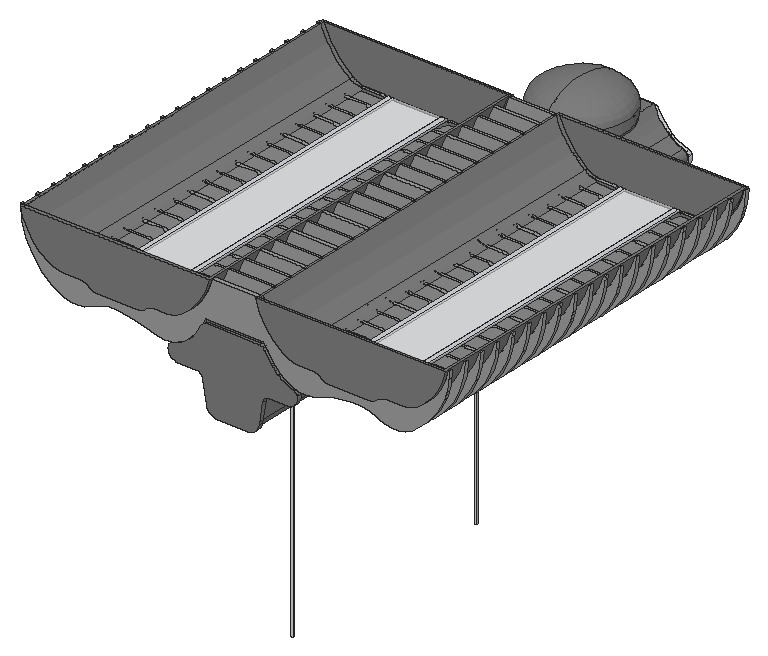
Revit family "0039278 Feilo Sylvania Lighting Fixtures SYLBAY LED 4000K 18-5KLM AISLE 1-10V PIR", category Lighting Fixtures, host Face, Revit 2017
Family settings
  Host = Face
  Round Connector Dimension = Use Diameter
  Part Type = Normal
  OmniClass Number = 23.80.70.00
  OmniClass Title = Lighting
  Cut with Voids When Loaded = No
  Light Source = Yes
  Shared = No
  Room Calculation Point = No
Parameters (values of type "0039278 SYLBAY LED 4000K 18.5KLM AISLE 1-10V PIR")
  WireRadius_FEILO = 1 mm
  Weight = "5.1 kg"
  Wattage Comments = "n/a"
  Wattage = 145 W
  WarrantyStartDate [instance] = "n/a"
  WarrantyGuarantorParts = "n/a"
  WarrantyDurationUnit = "n/a"
  WarrantyDurationParts = "n/a"
  WarrantyDescription = "n/a"
  built-in parameter 1150110 = 1 (stored number, unit not read)
  Voltage = 230 V
  URL = "http://www.sylvania-lighting.com"
  TypeName = "SYLBAY LED 4000K 18.5KLM AISLE 1-10V PIR"
  Type Image = <None>
  Type Comments = "n/a"
  built-in parameter 1114217 = 1 (stored number, unit not read)
  Tilt Angle = -90.00°
  built-in parameter 1150109 = 1 (stored number, unit not read)
  built-in parameter 1150134 = 12
  SuspensionHeight_FEILO [instance] = if(SurfaceMounted_FEILO, 107 mm, SuspensionHeightEntry_FEILO)  # 300 mm
  SuspensionHeightEntry_FEILO [instance] = 300 mm
  SurfaceMounted_FEILO [instance] = no
  built-in parameter 1150113 = 1 (stored number, unit not read)
  SerialNumber [instance] = "n/a"
  ReflectorMaterial = none
  PowerFactor = 0
  PowerConsumption = "145 W"
  Photometric Web File = "0039278.ies"
  NominalLength = 430 mm
  NominalHeight = 105 mm
  NominalDepth = 375 mm
  Name = "SYLBAY LED 4000K 18.5KLM AISLE 1-10V PIR"
  ModelReference = "SYLBAY LED 4000K 18.5KLM AISLE 1-10V PIR"
  ModelNumber = "0039278"
  Model = "SYLBAY LED 4000K 18.5KLM AISLE 1-10V PIR"
  Material = "aluminium housing"
  ManufacturerName = "Feilo Sylvania"
  Manufacturer = "Feilo Sylvania"
  LuminousEfficacy = "128.09 lm/W"
  built-in parameter 1150105 = 25794 (stored number, unit not read)
  Lumens = 18573 lm
  LuminaireType = ""
  built-in parameter 1150115 = 1 (stored number, unit not read)
  LightOutputRatio = "100"
  built-in parameter 1150137 = (empty or 0)
  built-in parameter 1150139 = (empty or 0)
  LampsType = Lamp  # "LED"
  LampNominalLuminous = "18445 lm"
  LampMacAdamStep = "n/a"
  LampColourTemperature = "4000 K"
  LampColourRenderingIndex = "80"
  built-in parameter 1150112 = 1 (stored number, unit not read)
  built-in parameter 1150114 = 1 (stored number, unit not read)
  Lamp = "LED"
  Keynote = "16500"
  InstallationDate [instance] = "n/a"
  InputVoltage = "220-240V~"
  InputNominalFrequency = "50/60 Hz"
  built-in parameter 1150132 = (empty or 0)
  built-in parameter 1150102 = (empty or 0)
  built-in parameter 1150107 = 4000 (stored number, unit not read)
  built-in parameter 1150138 = (empty or 0)
  IngressProtection = "IP65"
  ImpactProtectionIndex = "IK08"
  built-in parameter 1150106 = 257.94 (stored number, unit not read)
  IfcExportType = "IfcLightFixtureType"
  IfcExportAs = "IfcLightFixtureType"
  ExpectedLife = 50000
  Emit from Rectangle Width = 365 mm
  Emit from Rectangle Length = 320 mm
  Emit Shape Visible in Rendering = no
  ElectricShockClassification = "Class I"
  built-in parameter 1150104 = 11.9 (stored number, unit not read)
  DurationUnit = "hours"
  DocumentationLiterature = "http://www.sylvania-lighting.com/product/en-int/products/0039278"
  DimmingControlOptions = "Dimmable"
  Dimming Lamp Color Temperature Shift = <None>
  DiffuserMaterial = Diffuser-Sylvania-Sylbay-Transparent
  Description = "Specification industrial high bay luminaire, robust and durable, slim design, high output and efficiency, lightweight, aluminium housing with shatter-resistant polycarbonate lens optic, 18,500 lumens, 145W, 127lm/W, 4000K, 2100mA, CRI 80, aisle beam optic, 1-10V dimmable, integral PIR sensor with daylight/occupancy detection, IP65, IK08, 100,000 hrs (L90B10), (LxWxH) 330x375x105mm, 3 step MacAdam ellipse, 4.6kg, aluminium finish, Class 1, 220-240V, integrated LED, energy class: A++, A+, A."
  Default Elevation = 1219.2 mm
  CreatedOn = "17/11/2017"
  CreatedBy = ""
  Cost = 0
  Color Filter = 16777215
  built-in parameter 1114216 [instance] = (empty or 0)
  BodyMaterial = Body-Sylvania-Sylbay-Aluminium
  BarCode [instance] = "n/a"
  built-in parameter 1114218 = 1 (stored number, unit not read)
  built-in parameter 1150133 = 10 (stored number, unit not read)
  AssetType = "Fixed"
  AssetIdentifier [instance] = "n/a"
  Assembly Code = "D5020200"
  Apparent Load = 145 VA
  AccessoryMaterial = Accesory-Sylvania-Sylbay-White
Reference planes
  plane 1 "Center (Front/Back)": y = 0
  plane 2: z = 0
  plane 3 "Center (Left/Right)": x = 0
  plane 4: z = 300
  plane 5: y = -162
  plane 6: y = 100
  plane 7: y = -100
  plane 8: z = 237.522
  plane 9: z = 246.272
  plane 10: z = 227.522
  plane 11: z = 266.272
  plane 12: z = 256.272
  plane 13: z = 262.272
  plane 14: y = 262
  plane 15: y = -8.075
  plane 16: y = 8.075
  plane 17: y = -165
  plane 18: y = 265
  plane 19: z = 195
  plane 20: z = 193
  plane 21: y = 165
  plane 22: y = 215
  plane 23: y = 175
  plane 24: y = 255
  plane 25: z = 278.272
  plane 26: y = 176
  plane 27: y = 254
Forms (mm)
  Extrusion 1, solid, material "Accesory-Sylvania-Sylbay-White" <- "AccessoryMaterial"
    sketch origin (0, 0, 0) x (1, 0, 0) y (0, 0, 1)
      loop
        arc (-39.258, 246.272) -> (-44.534, 242.283) -> (-50.507, 239.445) r 32.519
        arc (-50.507, 239.445) -> (-54.463, 232.388) -> (-48, 227.522) r 6.147
        line (-48, 227.522) -> (-32.102, 227.522)
        arc (-32.102, 227.522) -> (-26.92, 225.616) -> (-24.206, 220.808) r 8
        line (-24.206, 220.808) -> (-21.094, 201.713)
        arc (-21.094, 201.713) -> (-18.38, 196.905) -> (-13.198, 195) r 8
        line (-13.198, 195) -> (13.198, 195)
        arc (13.198, 195) -> (18.393, 196.916) -> (21.099, 201.746) r 8
        line (21.099, 201.746) -> (24.206, 220.808)
        arc (24.206, 220.808) -> (26.92, 225.616) -> (32.102, 227.522) r 8
        line (32.102, 227.522) -> (48, 227.522)
        arc (48, 227.522) -> (54.463, 232.388) -> (50.507, 239.445) r 6.147
        arc (50.507, 239.445) -> (44.534, 242.283) -> (39.258, 246.272) r 32.519
        arc (39.258, 246.272) -> (31.199, 255.531) -> (25.254, 266.272) r 58.361
        line (25.254, 266.272) -> (-25.254, 266.272)
        arc (-25.254, 266.272) -> (-31.199, 255.531) -> (-39.258, 246.272) r 58.361
    from -262 to 162
  Extrusion 2, solid, material "Body-Sylvania-Sylbay-Aluminium" <- "BodyMaterial", detail levels medium+fine
    sketch origin (0, 0, 0) x (1, 0, 0) y (0, 0, 1)
      loop
        arc (-32.102, 225.522) -> (-28.215, 224.093) -> (-26.18, 220.487) r 6
        line (-26.18, 220.487) -> (-23.068, 201.392)
        arc (-23.068, 201.392) -> (-19.676, 195.381) -> (-13.198, 193) r 10
        line (-13.198, 193) -> (13.198, 193)
        arc (13.198, 193) -> (19.69, 195.393) -> (23.074, 201.428) r 10
        line (23.074, 201.428) -> (26.18, 220.487)
        arc (26.18, 220.487) -> (28.215, 224.093) -> (32.102, 225.522) r 6
        line (32.102, 225.522) -> (47.932, 225.522)
        arc (47.932, 225.522) -> (54.718, 228.451) -> (56.343, 235.661) r 8.147
        arc (56.343, 235.661) -> (55.292, 237.506) -> (53.445, 238.553) r 4
        arc (53.445, 238.553) -> (45.865, 241.518) -> (39.258, 246.272) r 32.519
        arc (39.258, 246.272) -> (32.89, 253.237) -> (27.728, 261.137) r 58.361
        arc (27.728, 261.137) -> (25.523, 263.429) -> (22.456, 264.272) r 6
        line (22.456, 264.272) -> (-22.456, 264.272)
        arc (-22.456, 264.272) -> (-25.523, 263.429) -> (-27.728, 261.137) r 6
        arc (-27.728, 261.137) -> (-32.89, 253.237) -> (-39.258, 246.272) r 58.361
        arc (-39.258, 246.272) -> (-45.865, 241.518) -> (-53.445, 238.553) r 32.519
        arc (-53.445, 238.553) -> (-55.292, 237.506) -> (-56.343, 235.661) r 4
        arc (-56.343, 235.661) -> (-54.718, 228.451) -> (-47.932, 225.522) r 8.147
        line (-47.932, 225.522) -> (-32.102, 225.522)
    from 162 to 165
  Extrusion 3, solid, detail levels medium+fine
    sketch origin (0, 0, 0) x (1, 0, 0) y (0, 0, 1)
      loop
        line (-47.932, 225.522) -> (-32.102, 225.522)
        arc (-32.102, 225.522) -> (-28.215, 224.093) -> (-26.18, 220.487) r 6
        line (-26.18, 220.487) -> (-23.068, 201.392)
        arc (-23.068, 201.392) -> (-19.676, 195.381) -> (-13.198, 193) r 10
        line (-13.198, 193) -> (13.198, 193)
        arc (13.198, 193) -> (19.69, 195.393) -> (23.074, 201.428) r 10
        line (23.074, 201.428) -> (26.18, 220.487)
        arc (26.18, 220.487) -> (28.215, 224.093) -> (32.102, 225.522) r 6
        line (32.102, 225.522) -> (47.932, 225.522)
        arc (47.932, 225.522) -> (54.718, 228.451) -> (56.343, 235.661) r 8.147
        arc (56.343, 235.661) -> (55.292, 237.506) -> (53.445, 238.553) r 4
        arc (53.445, 238.553) -> (45.865, 241.518) -> (39.258, 246.272) r 32.519
        arc (39.258, 246.272) -> (32.89, 253.237) -> (27.728, 261.137) r 58.361
        arc (27.728, 261.137) -> (25.523, 263.429) -> (22.456, 264.272) r 6
        line (22.456, 264.272) -> (-22.456, 264.272)
        arc (-22.456, 264.272) -> (-25.523, 263.429) -> (-27.728, 261.137) r 6
        arc (-27.728, 261.137) -> (-32.89, 253.237) -> (-39.258, 246.272) r 58.361
        arc (-39.258, 246.272) -> (-45.865, 241.518) -> (-53.445, 238.553) r 32.519
        arc (-53.445, 238.553) -> (-55.292, 237.506) -> (-56.343, 235.661) r 4
        arc (-56.343, 235.661) -> (-54.718, 228.451) -> (-47.932, 225.522) r 8.147
    from -265 to -262
  Extrusion 4, solid
    sketch origin (-316.531, -4572, 195) x (-1, 0, 0) y (0, -1, 0)
      loop
        circle (-316.531, -4672) r 1
      loop
        circle (-316.531, -4472) r 1
    from 0 to -195
  Revolve 5, solid, material "Body-Sylvania-Sylbay-Aluminium" <- "BodyMaterial"
    sketch origin (0, 0, 0) x (0, 1, 0) y (0, 0, 1)
      loop
        arc (175.771, 269.022) -> (176.729, 267.064) -> (178.76, 266.272) r 3
        line (178.76, 266.272) -> (215, 266.272) -> (215, 278.272) -> (175, 278.272) -> (175.771, 269.022)
      axis (215, 266.272) -> (215, 278.272)
    angle from 360 to 0
  Revolve 6, solid, material "Accesory-Sylvania-Sylbay-White" <- "AccessoryMaterial"
    sketch origin (0, 0, 0) x (0, 1, 0) y (0, 0, 1)
      loop
        line (175, 278.272) -> (215, 278.272) -> (215, 300)
        spline (215, 300) -> (209.779, 299.814) -> (204.647, 299.26) -> (199.693, 298.346) -> (195, 297.089) -> (190.65, 295.51) -> (186.716, 293.636) -> (183.266, 291.499) -> (180.359, 289.136) -> (178.045, 286.587) -> (176.363, 283.895) -> (175.342, 281.108) -> (175, 278.272)
      axis (215, 278.272) -> (215, 300)
    angle from 360 to 0
Dimensions and locks
  "SuspensionHeight_FEILO": plane 4 to plane 2
  equal spacing: plane 7, plane 1 "Center (Front/Back)", plane 6
  locked: plane 1 "Center (Front/Back)" to plane 6 at 100
  locked: plane 4 to plane 8 at 62.478
  locked: plane 4 to plane 9 at 53.728
  plane 4 to plane 10 = 72.478 mm
  locked: plane 4 to plane 11 at 33.728
  locked: plane 12 to plane 9 at 10
  locked: plane 13 to plane 12 at 6
  locked: plane 3 "Center (Left/Right)" to Extrusion 1 sketch curve at 48.447
  locked: Extrusion 1 sketch curve to plane 3 "Center (Left/Right)" at 48.447
  locked: plane 4 to Extrusion 1 sketch curve at 66.347  (x2)
  Extrusion 1 sketch curve to plane 3 "Center (Left/Right)" to Extrusion 1 sketch curve = 13.198 mm locked, 13.198 mm locked
  Extrusion 1 sketch curve to plane 3 "Center (Left/Right)" to Extrusion 1 sketch curve = 32.102 mm locked, 32.102 mm locked
  locked: plane 4 to Extrusion 1 sketch curve at 97  (x2)
  locked: plane 4 to Extrusion 1 sketch curve at 80.478  (x2)
  equal spacing: plane 15, plane 1 "Center (Front/Back)", plane 16
  locked: plane 15 to plane 16 at 16.15
  locked: plane 10 to Extrusion 2 sketch curve at 2
  plane 10 to Extrusion 2 sketch curve = 2 mm
  locked: Extrusion 2 sketch curve to Extrusion 1 at 2  (x2)
  locked: Extrusion 2 sketch curve to plane 3 "Center (Left/Right)" at 52.466
  locked: plane 3 "Center (Left/Right)" to Extrusion 2 sketch curve at 52.466
  locked: plane 4 to Extrusion 2 sketch curve at 65.325  (x2)
  locked: plane 4 to Extrusion 2 sketch curve at 41.728  (x2)
  locked: plane 3 "Center (Left/Right)" to Extrusion 2 sketch curve at 22.456
  locked: Extrusion 2 sketch curve to plane 3 "Center (Left/Right)" at 22.456
  locked: plane 4 to plane 19 at 105
  locked: plane 19 to plane 20 at 2
  locked: plane 1 "Center (Front/Back)" to plane 18 at 265
  locked: plane 14 to plane 18 at 3
  locked: plane 17 to plane 1 "Center (Front/Back)" at 165
  locked: plane 17 to plane 5 at 3
  locked: plane 21 to plane 18 at 100
  locked: plane 21 to plane 22 at 50
  equal spacing: plane 23, plane 22, plane 24
  locked: plane 23 to plane 22 at 40
  equal spacing: plane 26, plane 22, plane 27
  locked: plane 23 to plane 26 at 1
  locked: plane 25 to plane 11 at 12
  locked: Revolve 5 sketch curve to plane 11 at 3
  locked: Revolve 5 sketch curve to plane 22 at 36.24
  "WireRadius_FEILO": radius of Extrusion 4 sketch curve  (x2)
  aligned and locked: plane 2 to host face
  aligned and locked: level to host face
  aligned and locked: plane 10 to Extrusion 1 sketch curve
  aligned and locked: plane 5 to Extrusion 1
  aligned and locked: Extrusion 1 to plane 14
  aligned and locked: imposter light to plane 4
  aligned and locked: plane 3 "Center (Left/Right)" to imposter light
  aligned and locked: plane 1 "Center (Front/Back)" to imposter light
  aligned and locked: plane 17 to Extrusion 2
  aligned and locked: Extrusion 2 to plane 5
  aligned and locked: Extrusion 3 sketch curve to Extrusion 2  (x15)
  aligned and locked: Extrusion 3 to Extrusion 1
  aligned and locked: Extrusion 3 to plane 18
  aligned and locked: Extrusion 1 sketch curve to plane 19
  aligned and locked: plane 7 to Extrusion 4 sketch curve
  aligned and locked: plane 3 "Center (Left/Right)" to Extrusion 4 sketch curve  (x2)
  aligned and locked: plane 6 to Extrusion 4 sketch curve
  aligned and locked: Extrusion 1 to Extrusion 4
  aligned and locked: Extrusion 4 to level
  aligned and locked: plane 20 to Extrusion 2 sketch curve
  aligned and locked: Revolve 5 sketch curve to plane 11
  aligned and locked: Revolve 5 sketch curve to plane 22  (x2)
  aligned and locked: Revolve 5 sketch curve to plane 25
  aligned and locked: Revolve 6 sketch curve to plane 22  (x2)
  aligned and locked: Revolve 6 sketch curve to Revolve 5
  aligned and locked: plane 4 to Revolve 6 sketch curve
  aligned and locked: plane 22 to Revolve 6 sketch curve
  aligned and locked: plane 3 "Center (Left/Right)" to nested 1
  aligned and locked: plane 1 "Center (Front/Back)" to nested 1
Automatic sketch dimensions
  host sketch curve to host sketch curve = 2438.4 mm  (x2)
  Extrusion 1 sketch curve to plane 9 = 0 mm  (x4)
  Extrusion 1 sketch curve to plane 10 = 0 mm
  plane 11 to Extrusion 1 sketch curve = 3.811 mm
  Extrusion 1 sketch curve to Extrusion 1 sketch curve = 36.151 mm  (x2)
  Extrusion 1 sketch curve to plane 4 = 10.994 mm  (x2)
  Extrusion 1 sketch curve to plane 11 = 0 mm
  plane 9 to Extrusion 1 sketch curve = 23.811 mm
  Extrusion 1 sketch curve to plane 10 = 6.713 mm  (x2)
  plane 19 to Extrusion 1 sketch curve = 6.713 mm
  Extrusion 3 sketch curve to plane 10 = 7.035 mm  (x2)
  plane 19 to Extrusion 3 sketch curve = 6.392 mm
  plane 19 to Extrusion 1 sketch curve = 6.746 mm
  plane 19 to Extrusion 3 sketch curve = 6.428 mm
  plane 3 "Center (Left/Right)" to Extrusion 1 sketch curve = 25.254 mm
  Extrusion 1 sketch curve to Extrusion 1 sketch curve = 0.447 mm  (x2)
  Extrusion 1 sketch curve to Extrusion 1 sketch curve = 12.959 mm
  Extrusion 2 sketch curve to plane 9 = 0 mm  (x4)
  plane 11 to Extrusion 2 sketch curve = 3.811 mm  (x2)
  Extrusion 2 sketch curve to Extrusion 2 sketch curve = 8.939 mm  (x2)
  Extrusion 2 sketch curve to plane 4 = 10.994 mm  (x2)
  Extrusion 2 sketch curve to Extrusion 2 sketch curve = 17.6 mm  (x2)
  Extrusion 2 sketch curve to Extrusion 2 sketch curve = 4.02 mm  (x2)
  Extrusion 2 sketch curve to Extrusion 2 sketch curve = 0.514 mm
  Extrusion 2 sketch curve to plane 10 = 8 mm
  Extrusion 2 sketch curve to plane 10 = 7.035 mm  (x2)
  plane 19 to Extrusion 2 sketch curve = 6.392 mm
  plane 19 to Extrusion 2 sketch curve = 8 mm
  plane 3 "Center (Left/Right)" to Extrusion 2 sketch curve = 13.198 mm
  plane 19 to Extrusion 2 sketch curve = 6.428 mm
  Extrusion 2 sketch curve to Extrusion 2 sketch curve = 5.922 mm
  Extrusion 2 sketch curve to Extrusion 2 sketch curve = 4.534 mm
  Extrusion 2 sketch curve to plane 8 = 3.869 mm  (x2)
  Extrusion 2 sketch curve to plane 11 = 2 mm
  Extrusion 2 sketch curve to Extrusion 2 sketch curve = 0 mm  (x2)
  Revolve 6 sketch curve to plane 23 = 0 mm
  Revolve 6 sketch curve to level = 309.6 mm
  plane 4 to Revolve 6 sketch curve = 2138.4 mm
  Revolve 5 sketch curve to plane 23 = 0 mm
  plane 26 to Revolve 5 sketch curve = 0.229 mm
  Revolve 5 sketch curve to level = 309.6 mm
  plane 4 to Revolve 5 sketch curve = 2138.4 mm
Nested families
  nested 1: "SylbayBody" at (0, 0, 266.272), type "SylbayBody"
  nested 2: "SlybayRib" at (0, 144.453, 300), type "SylbayRib"
  nested 3: "SlybayRib" at (0, 127.406, 300), type "SylbayRib"
  nested 4: "SlybayRib" at (0, 110.358, 300), type "SylbayRib"
  nested 5: "SlybayRib" at (0, 93.311, 300), type "SylbayRib"
  nested 6: "SlybayRib" at (0, 76.264, 300), type "SylbayRib"
  nested 7: "SlybayRib" at (0, 59.217, 300), type "SylbayRib"
  nested 8: "SlybayRib" at (0, 42.169, 300), type "SylbayRib"
  nested 9: "SlybayRib" at (0, 25.122, 300), type "SylbayRib"
  nested 10: "SlybayRib" at (0, 161.5, 300), type "SylbayRib"
  nested 11: "SlybayRib" at (0, -144.453, 300), type "SylbayRib"
  nested 12: "SlybayRib" at (0, -127.406, 300), type "SylbayRib"
  nested 13: "SlybayRib" at (0, -110.358, 300), type "SylbayRib"
  nested 14: "SlybayRib" at (0, -93.311, 300), type "SylbayRib"
  nested 15: "SlybayRib" at (0, -76.264, 300), type "SylbayRib"
  nested 16: "SlybayRib" at (0, -59.217, 300), type "SylbayRib"
  nested 17: "SlybayRib" at (0, -42.169, 300), type "SylbayRib"
  nested 18: "SlybayRib" at (0, -25.122, 300), type "SylbayRib"
  nested 19: "SlybayRib" at (0, -161.5, 300), type "SylbayRib"
  nested 20: "SlybayRib" at (0, 8.075, 300), type "SylbayRib"
  nested 21: "SlybayRib" at (0, -8.075, 300), type "SylbayRib"
Connectors
  electrical at (0, 0, 0), driven by "Apparent Load"
    settings: index 1, voltage 230 V, apparent load 145 VA, apparent load phase1 0 VA, apparent load phase2 0 VA, apparent load phase3 0 VA, power factor 0, load classification "Lighting", number of poles 1, system type 30, power factor state 1, is connector primary yes, connector utility no, sub classification motor no, connector description ""
Definition of nested family "SylbayBody"
  Parameters (values of type "SylbayBody")
    URL = "http://www.feilosylvania.com"
    Type Image = (empty or 0)
    Type Comments = "n/a"
    RibLast_FEILO = 161.5 mm
    RibDistance_FEILO = RibLast_FEILO / 10  # 16.15 mm
    ReflectorMaterial = none
    Model = ""
    Manufacturer = "Feilo Sylvania"
    Keynote = ""
    DiffuserMaterial = none
    Description = "n/a"
    Default Elevation = 1219.2 mm
    Cost = 0
    BodyMaterial = none
    Assembly Code = "D5020200"
    AccessoryMaterial = none
  Reference planes
    plane 1 "Center (Front/Back)": y = 0
    plane 2: z = 0
    plane 3 "Center (Left/Right)": x = 0
    plane 4: x = -187.5
    plane 5: x = 187.5
    plane 6: z = 33.728
    plane 7: y = -165
    plane 8: y = 165
    plane 9: y = -148
    plane 10: y = 160
    plane 11: y = -160
    plane 12: z = -28.75
    plane 13: z = -20
    plane 14: x = -102.75
    plane 15: x = 102.75
    plane 16: z = 0
    plane 17: x = -185.5
    plane 18: x = -20
    plane 19: z = -10
    plane 20: x = -122.75
    plane 21: x = -82.75
    plane 22: z = -4
    plane 23: x = -130.75
    plane 24: x = -74.75
    plane 25: x = -145.75
    plane 26: x = -59.75
    plane 27: x = -25.3
    plane 28: x = -183.5
    plane 29: x = -22
    plane 30: y = -163
    plane 31: y = 163
    plane 32: x = 25.3
    plane 33: x = -48
    plane 34: x = 48
    plane 35: x = 20
    plane 36: y = 148
    plane 37: y = -161.5
    plane 38: y = 161.5
    plane 39: y = -8.075
    plane 40: y = 8.075
    plane 41: y = -151
    plane 42: y = 151
    plane 43: y = 149
    plane 44: y = 152
    plane 45: z = -2
    plane 46: z = 0
  Forms (mm)
    Extrusion 1, solid
      sketch origin (4.2, 0, 0) x (1, 0, 0) y (0, 1, 0)
        loop
          line (-1219.2, 1219.2) -> (-1219.2, -1219.2) -> (1219.2, -1219.2) -> (1219.2, 1219.2) -> (-1219.2, 1219.2)
      from 0 to -304.8
    Extrusion 2, solid, material <- "BodyMaterial", detail levels coarse+medium
      sketch origin (0, 0, -234.25) x (1, 0, 0) y (0, 0, 1)
        loop
          arc (-187.5, 267.978) -> (-180.003, 237.85) -> (-159.829, 214.25) r 67.598
          arc (-159.829, 214.25) -> (-143.258, 206.411) -> (-125.169, 209.379) r 30.791
          arc (-125.169, 209.379) -> (-113.533, 213.402) -> (-101.25, 214.25) r 46.777
          arc (-101.25, 214.25) -> (-87.202, 212.214) -> (-73.664, 207.942) r 87.865
          arc (-73.664, 207.942) -> (-55.541, 206.076) -> (-39.258, 214.25) r 32.519
          arc (-39.258, 214.25) -> (-31.199, 223.509) -> (-25.254, 234.25) r 58.361
          line (-25.254, 234.25) -> (25.254, 234.25)
          arc (25.254, 234.25) -> (31.199, 223.509) -> (39.258, 214.25) r 58.361
          arc (39.258, 214.25) -> (55.541, 206.076) -> (73.664, 207.942) r 32.519
          arc (73.664, 207.942) -> (87.202, 212.214) -> (101.25, 214.25) r 87.865
          arc (101.25, 214.25) -> (113.533, 213.402) -> (125.169, 209.379) r 46.777
          arc (125.169, 209.379) -> (143.258, 206.411) -> (159.829, 214.25) r 30.791
          arc (159.829, 214.25) -> (180.003, 237.85) -> (187.5, 267.978) r 67.598
          line (187.5, 267.978) -> (185.5, 267.978)
          arc (185.5, 267.978) -> (176.042, 248.665) -> (160.084, 234.25) r 56.823
          arc (160.084, 234.25) -> (153.191, 231.269) -> (145.75, 230.25) r 27.682
          line (145.75, 230.25) -> (132.583, 230.25)
          arc (132.583, 230.25) -> (129.421, 229.737) -> (126.583, 228.25) r 10
          line (126.583, 228.25) -> (123.917, 226.25)
          arc (123.917, 226.25) -> (121.079, 224.763) -> (117.917, 224.25) r 10
          line (117.917, 224.25) -> (84.583, 224.25)
          arc (84.583, 224.25) -> (81.421, 224.763) -> (78.583, 226.25) r 10
          line (78.583, 226.25) -> (75.917, 228.25)
          arc (75.917, 228.25) -> (73.079, 229.737) -> (69.917, 230.25) r 10
          line (69.917, 230.25) -> (58.25, 230.25)
          arc (58.25, 230.25) -> (51.55, 231.273) -> (45.461, 234.25) r 22.443
          arc (45.461, 234.25) -> (30.027, 249.073) -> (20, 267.978) r 67.602
          line (20, 267.978) -> (-20, 267.978)
          arc (-20, 267.978) -> (-30.027, 249.073) -> (-45.461, 234.25) r 67.602
          arc (-45.461, 234.25) -> (-51.55, 231.273) -> (-58.25, 230.25) r 22.443
          line (-58.25, 230.25) -> (-69.917, 230.25)
          arc (-69.917, 230.25) -> (-73.079, 229.737) -> (-75.917, 228.25) r 10
          line (-75.917, 228.25) -> (-78.583, 226.25)
          arc (-78.583, 226.25) -> (-81.421, 224.763) -> (-84.583, 224.25) r 10
          line (-84.583, 224.25) -> (-117.917, 224.25)
          arc (-117.917, 224.25) -> (-121.079, 224.763) -> (-123.917, 226.25) r 10
          line (-123.917, 226.25) -> (-126.583, 228.25)
          arc (-126.583, 228.25) -> (-129.421, 229.737) -> (-132.583, 230.25) r 10
          line (-132.583, 230.25) -> (-145.75, 230.25)
          arc (-145.75, 230.25) -> (-153.191, 231.269) -> (-160.084, 234.25) r 27.682
          arc (-160.084, 234.25) -> (-176.042, 248.665) -> (-185.5, 267.978) r 56.823
          line (-185.5, 267.978) -> (-187.5, 267.978)
      from 160 to -160
    Extrusion 3, solid, material <- "BodyMaterial"
      sketch origin (0, 0, -234.25) x (1, 0, 0) y (0, 0, 1)
        loop
          arc (-145.75, 230.25) -> (-152.168, 231.276) -> (-157.947, 234.25) r 20.597
          arc (-157.947, 234.25) -> (-173.175, 249.257) -> (-183.5, 267.978) r 74.319
          line (-183.5, 267.978) -> (-185.5, 267.978)
          arc (-185.5, 267.978) -> (-176.042, 248.665) -> (-160.084, 234.25) r 56.823
          arc (-160.084, 234.25) -> (-153.191, 231.269) -> (-145.75, 230.25) r 27.682
        loop
          arc (-45.461, 234.25) -> (-30.027, 249.073) -> (-20, 267.978) r 67.602
          line (-20, 267.978) -> (-22, 267.978)
          arc (-22, 267.978) -> (-31.964, 249.398) -> (-46.63, 234.25) r 76.357
          arc (-46.63, 234.25) -> (-52.105, 231.278) -> (-58.25, 230.25) r 18.878
          arc (-58.25, 230.25) -> (-51.55, 231.273) -> (-45.461, 234.25) r 22.443
        loop
          arc (145.75, 230.25) -> (153.191, 231.269) -> (160.084, 234.25) r 27.682
          arc (160.084, 234.25) -> (176.042, 248.665) -> (185.5, 267.978) r 56.823
          line (185.5, 267.978) -> (183.5, 267.978)
          arc (183.5, 267.978) -> (173.175, 249.257) -> (157.947, 234.25) r 74.319
          arc (157.947, 234.25) -> (152.168, 231.276) -> (145.75, 230.25) r 20.597
        loop
          arc (45.461, 234.25) -> (51.55, 231.273) -> (58.25, 230.25) r 22.443
          arc (58.25, 230.25) -> (52.105, 231.278) -> (46.63, 234.25) r 18.878
          arc (46.63, 234.25) -> (31.964, 249.398) -> (22, 267.978) r 76.357
          line (22, 267.978) -> (20, 267.978)
          arc (20, 267.978) -> (30.027, 249.073) -> (45.461, 234.25) r 67.602
      from -160 to 160
    Extrusion 4, solid, material <- "BodyMaterial"
      sketch origin (0, -165, -843.85) x (0, 0, -1) y (1, 0, 0)
        loop
          arc (-837.85, -132.583) -> (-837.439, -130.054) -> (-836.25, -127.783) r 8
          line (-836.25, -127.783) -> (-834.25, -125.117)
          arc (-834.25, -125.117) -> (-832.466, -121.711) -> (-831.85, -117.917) r 12
          line (-831.85, -117.917) -> (-831.85, -84.583)
          arc (-831.85, -84.583) -> (-832.466, -80.789) -> (-834.25, -77.383) r 12
          line (-834.25, -77.383) -> (-836.25, -74.717)
          arc (-836.25, -74.717) -> (-837.439, -72.446) -> (-837.85, -69.917) r 8
          line (-837.85, -69.917) -> (-837.85, -58.25)
          arc (-837.85, -58.25) -> (-838.965, -50.953) -> (-842.206, -44.322) r 24.443
          arc (-842.206, -44.322) -> (-857.666, -28.923) -> (-877.578, -20) r 60.581
          line (-877.578, -20) -> (-877.578, -22)
          arc (-877.578, -22) -> (-858.998, -31.964) -> (-843.85, -46.63) r 76.357
          arc (-843.85, -46.63) -> (-840.878, -52.105) -> (-839.85, -58.25) r 18.878
          line (-839.85, -58.25) -> (-839.85, -69.917)
          arc (-839.85, -69.917) -> (-839.337, -73.079) -> (-837.85, -75.917) r 10
          line (-837.85, -75.917) -> (-835.85, -78.583)
          arc (-835.85, -78.583) -> (-834.363, -81.421) -> (-833.85, -84.583) r 10
          line (-833.85, -84.583) -> (-833.85, -117.917)
          arc (-833.85, -117.917) -> (-834.363, -121.079) -> (-835.85, -123.917) r 10
          line (-835.85, -123.917) -> (-837.85, -126.583)
          arc (-837.85, -126.583) -> (-839.337, -129.421) -> (-839.85, -132.583) r 10
          line (-839.85, -132.583) -> (-839.85, -145.75)
          arc (-839.85, -145.75) -> (-840.876, -152.168) -> (-843.85, -157.947) r 20.597
          arc (-843.85, -157.947) -> (-858.857, -173.175) -> (-877.578, -183.5) r 74.319
          line (-877.578, -183.5) -> (-877.578, -185.5)
          arc (-877.578, -185.5) -> (-857.235, -177.123) -> (-842.139, -161.119) r 52.287
          arc (-842.139, -161.119) -> (-838.942, -153.728) -> (-837.85, -145.75) r 29.682
          line (-837.85, -145.75) -> (-837.85, -132.583)
        loop
          line (-837.85, 132.583) -> (-837.85, 145.75)
          arc (-837.85, 145.75) -> (-838.942, 153.728) -> (-842.139, 161.119) r 29.682
          arc (-842.139, 161.119) -> (-857.235, 177.123) -> (-877.578, 185.5) r 52.287
          line (-877.578, 185.5) -> (-877.578, 183.5)
          arc (-877.578, 183.5) -> (-858.857, 173.175) -> (-843.85, 157.947) r 74.319
          arc (-843.85, 157.947) -> (-840.876, 152.168) -> (-839.85, 145.75) r 20.597
          line (-839.85, 145.75) -> (-839.85, 132.583)
          arc (-839.85, 132.583) -> (-839.337, 129.421) -> (-837.85, 126.583) r 10
          line (-837.85, 126.583) -> (-835.85, 123.917)
          arc (-835.85, 123.917) -> (-834.363, 121.079) -> (-833.85, 117.917) r 10
          line (-833.85, 117.917) -> (-833.85, 84.583)
          arc (-833.85, 84.583) -> (-834.363, 81.421) -> (-835.85, 78.583) r 10
          line (-835.85, 78.583) -> (-837.85, 75.917)
          arc (-837.85, 75.917) -> (-839.337, 73.079) -> (-839.85, 69.917) r 10
          line (-839.85, 69.917) -> (-839.85, 58.25)
          arc (-839.85, 58.25) -> (-840.878, 52.105) -> (-843.85, 46.63) r 18.878
          arc (-843.85, 46.63) -> (-858.998, 31.964) -> (-877.578, 22) r 76.357
          line (-877.578, 22) -> (-877.578, 20)
          arc (-877.578, 20) -> (-857.666, 28.923) -> (-842.206, 44.322) r 60.581
          arc (-842.206, 44.322) -> (-838.965, 50.953) -> (-837.85, 58.25) r 24.443
          line (-837.85, 58.25) -> (-837.85, 69.917)
          arc (-837.85, 69.917) -> (-837.439, 72.446) -> (-836.25, 74.717) r 8
          line (-836.25, 74.717) -> (-834.25, 77.383)
          arc (-834.25, 77.383) -> (-832.466, 80.789) -> (-831.85, 84.583) r 12
          line (-831.85, 84.583) -> (-831.85, 117.917)
          arc (-831.85, 117.917) -> (-832.466, 121.711) -> (-834.25, 125.117) r 12
          line (-834.25, 125.117) -> (-836.25, 127.783)
          arc (-836.25, 127.783) -> (-837.439, 130.054) -> (-837.85, 132.583) r 8
      from -2 to -5
    Extrusion 5, solid, material <- "BodyMaterial"
      sketch origin (0, 165, -843.85) x (0, 0, -1) y (1, 0, 0)
        loop
          line (-831.85, -117.917) -> (-831.85, -84.583)
          arc (-831.85, -84.583) -> (-832.466, -80.789) -> (-834.25, -77.383) r 12
          line (-834.25, -77.383) -> (-836.25, -74.717)
          arc (-836.25, -74.717) -> (-837.439, -72.446) -> (-837.85, -69.917) r 8
          line (-837.85, -69.917) -> (-837.85, -58.25)
          arc (-837.85, -58.25) -> (-838.965, -50.953) -> (-842.206, -44.322) r 24.443
          arc (-842.206, -44.322) -> (-857.666, -28.923) -> (-877.578, -20) r 60.581
          line (-877.578, -20) -> (-877.578, -22)
          arc (-877.578, -22) -> (-858.998, -31.964) -> (-843.85, -46.63) r 76.357
          arc (-843.85, -46.63) -> (-840.878, -52.105) -> (-839.85, -58.25) r 18.878
          line (-839.85, -58.25) -> (-839.85, -69.917)
          arc (-839.85, -69.917) -> (-839.337, -73.079) -> (-837.85, -75.917) r 10
          line (-837.85, -75.917) -> (-835.85, -78.583)
          arc (-835.85, -78.583) -> (-834.363, -81.421) -> (-833.85, -84.583) r 10
          line (-833.85, -84.583) -> (-833.85, -117.917)
          arc (-833.85, -117.917) -> (-834.363, -121.079) -> (-835.85, -123.917) r 10
          line (-835.85, -123.917) -> (-837.85, -126.583)
          arc (-837.85, -126.583) -> (-839.337, -129.421) -> (-839.85, -132.583) r 10
          line (-839.85, -132.583) -> (-839.85, -145.75)
          arc (-839.85, -145.75) -> (-840.876, -152.168) -> (-843.85, -157.947) r 20.597
          arc (-843.85, -157.947) -> (-858.857, -173.175) -> (-877.578, -183.5) r 74.319
          line (-877.578, -183.5) -> (-877.578, -185.5)
          arc (-877.578, -185.5) -> (-857.235, -177.123) -> (-842.139, -161.119) r 52.287
          arc (-842.139, -161.119) -> (-838.942, -153.728) -> (-837.85, -145.75) r 29.682
          line (-837.85, -145.75) -> (-837.85, -132.583)
          arc (-837.85, -132.583) -> (-837.439, -130.054) -> (-836.25, -127.783) r 8
          line (-836.25, -127.783) -> (-834.25, -125.117)
          arc (-834.25, -125.117) -> (-832.466, -121.711) -> (-831.85, -117.917) r 12
        loop
          line (-831.85, 84.583) -> (-831.85, 117.917)
          arc (-831.85, 117.917) -> (-832.466, 121.711) -> (-834.25, 125.117) r 12
          line (-834.25, 125.117) -> (-836.25, 127.783)
          arc (-836.25, 127.783) -> (-837.439, 130.054) -> (-837.85, 132.583) r 8
          line (-837.85, 132.583) -> (-837.85, 145.75)
          arc (-837.85, 145.75) -> (-838.942, 153.728) -> (-842.139, 161.119) r 29.682
          arc (-842.139, 161.119) -> (-857.235, 177.123) -> (-877.578, 185.5) r 52.287
          line (-877.578, 185.5) -> (-877.578, 183.5)
          arc (-877.578, 183.5) -> (-858.857, 173.175) -> (-843.85, 157.947) r 74.319
          arc (-843.85, 157.947) -> (-840.876, 152.168) -> (-839.85, 145.75) r 20.597
          line (-839.85, 145.75) -> (-839.85, 132.583)
          arc (-839.85, 132.583) -> (-839.337, 129.421) -> (-837.85, 126.583) r 10
          line (-837.85, 126.583) -> (-835.85, 123.917)
          arc (-835.85, 123.917) -> (-834.363, 121.079) -> (-833.85, 117.917) r 10
          line (-833.85, 117.917) -> (-833.85, 84.583)
          arc (-833.85, 84.583) -> (-834.363, 81.421) -> (-835.85, 78.583) r 10
          line (-835.85, 78.583) -> (-837.85, 75.917)
          arc (-837.85, 75.917) -> (-839.337, 73.079) -> (-839.85, 69.917) r 10
          line (-839.85, 69.917) -> (-839.85, 58.25)
          arc (-839.85, 58.25) -> (-840.878, 52.105) -> (-843.85, 46.63) r 18.878
          arc (-843.85, 46.63) -> (-858.998, 31.964) -> (-877.578, 22) r 76.357
          line (-877.578, 22) -> (-877.578, 20)
          arc (-877.578, 20) -> (-857.666, 28.923) -> (-842.206, 44.322) r 60.581
          arc (-842.206, 44.322) -> (-838.965, 50.953) -> (-837.85, 58.25) r 24.443
          line (-837.85, 58.25) -> (-837.85, 69.917)
          arc (-837.85, 69.917) -> (-837.439, 72.446) -> (-836.25, 74.717) r 8
          line (-836.25, 74.717) -> (-834.25, 77.383)
          arc (-834.25, 77.383) -> (-832.466, 80.789) -> (-831.85, 84.583) r 12
      from 2 to 5
    Extrusion 6, solid, material <- "BodyMaterial"
      sketch origin (0, 165, -843.85) x (0, 0, -1) y (1, 0, 0)
        loop
          arc (-842.206, -44.322) -> (-857.666, -28.923) -> (-877.578, -20) r 60.581
          line (-877.578, -20) -> (-877.578, -185.5)
          arc (-877.578, -185.5) -> (-857.235, -177.123) -> (-842.139, -161.119) r 52.287
          arc (-842.139, -161.119) -> (-838.942, -153.728) -> (-837.85, -145.75) r 29.682
          line (-837.85, -145.75) -> (-837.85, -132.583)
          arc (-837.85, -132.583) -> (-837.439, -130.054) -> (-836.25, -127.783) r 8
          line (-836.25, -127.783) -> (-834.25, -125.117)
          arc (-834.25, -125.117) -> (-832.466, -121.711) -> (-831.85, -117.917) r 12
          line (-831.85, -117.917) -> (-831.85, -84.583)
          arc (-831.85, -84.583) -> (-832.466, -80.789) -> (-834.25, -77.383) r 12
          line (-834.25, -77.383) -> (-836.25, -74.717)
          arc (-836.25, -74.717) -> (-837.439, -72.446) -> (-837.85, -69.917) r 8
          line (-837.85, -69.917) -> (-837.85, -58.25)
          arc (-837.85, -58.25) -> (-838.965, -50.953) -> (-842.206, -44.322) r 24.443
        loop
          arc (-877.578, 20) -> (-857.666, 28.923) -> (-842.206, 44.322) r 60.581
          arc (-842.206, 44.322) -> (-838.965, 50.953) -> (-837.85, 58.25) r 24.443
          line (-837.85, 58.25) -> (-837.85, 69.917)
          arc (-837.85, 69.917) -> (-837.439, 72.446) -> (-836.25, 74.717) r 8
          line (-836.25, 74.717) -> (-834.25, 77.383)
          arc (-834.25, 77.383) -> (-832.466, 80.789) -> (-831.85, 84.583) r 12
          line (-831.85, 84.583) -> (-831.85, 117.917)
          arc (-831.85, 117.917) -> (-832.466, 121.711) -> (-834.25, 125.117) r 12
          line (-834.25, 125.117) -> (-836.25, 127.783)
          arc (-836.25, 127.783) -> (-837.439, 130.054) -> (-837.85, 132.583) r 8
          line (-837.85, 132.583) -> (-837.85, 145.75)
          arc (-837.85, 145.75) -> (-838.942, 153.728) -> (-842.139, 161.119) r 29.682
          arc (-842.139, 161.119) -> (-857.235, 177.123) -> (-877.578, 185.5) r 52.287
          line (-877.578, 185.5) -> (-877.578, 20)
      from 0 to 2
    Extrusion 7, solid, material <- "BodyMaterial"
      sketch origin (0, -165, -843.85) x (0, 0, -1) y (1, 0, 0)
        loop
          line (-877.578, -20) -> (-877.578, -185.5)
          arc (-877.578, -185.5) -> (-857.235, -177.123) -> (-842.139, -161.119) r 52.287
          arc (-842.139, -161.119) -> (-838.942, -153.728) -> (-837.85, -145.75) r 29.682
          line (-837.85, -145.75) -> (-837.85, -132.583)
          arc (-837.85, -132.583) -> (-837.439, -130.054) -> (-836.25, -127.783) r 8
          line (-836.25, -127.783) -> (-834.25, -125.117)
          arc (-834.25, -125.117) -> (-832.466, -121.711) -> (-831.85, -117.917) r 12
          line (-831.85, -117.917) -> (-831.85, -84.583)
          arc (-831.85, -84.583) -> (-832.466, -80.789) -> (-834.25, -77.383) r 12
          line (-834.25, -77.383) -> (-836.25, -74.717)
          arc (-836.25, -74.717) -> (-837.439, -72.446) -> (-837.85, -69.917) r 8
          line (-837.85, -69.917) -> (-837.85, -58.25)
          arc (-837.85, -58.25) -> (-838.965, -50.953) -> (-842.206, -44.322) r 24.443
          arc (-842.206, -44.322) -> (-857.666, -28.923) -> (-877.578, -20) r 60.581
        loop
          line (-877.578, 185.5) -> (-877.578, 20)
          arc (-877.578, 20) -> (-857.666, 28.923) -> (-842.206, 44.322) r 60.581
          arc (-842.206, 44.322) -> (-838.965, 50.953) -> (-837.85, 58.25) r 24.443
          line (-837.85, 58.25) -> (-837.85, 69.917)
          arc (-837.85, 69.917) -> (-837.439, 72.446) -> (-836.25, 74.717) r 8
          line (-836.25, 74.717) -> (-834.25, 77.383)
          arc (-834.25, 77.383) -> (-832.466, 80.789) -> (-831.85, 84.583) r 12
          line (-831.85, 84.583) -> (-831.85, 117.917)
          arc (-831.85, 117.917) -> (-832.466, 121.711) -> (-834.25, 125.117) r 12
          line (-834.25, 125.117) -> (-836.25, 127.783)
          arc (-836.25, 127.783) -> (-837.439, 130.054) -> (-837.85, 132.583) r 8
          line (-837.85, 132.583) -> (-837.85, 145.75)
          arc (-837.85, 145.75) -> (-838.942, 153.728) -> (-842.139, 161.119) r 29.682
          arc (-842.139, 161.119) -> (-857.235, 177.123) -> (-877.578, 185.5) r 52.287
      from 0 to -2
    Extrusion 8, solid, detail levels medium+fine
      sketch origin (0, 0, -234.25) x (1, 0, 0) y (0, 0, 1)
        loop
          arc (-123.917, 226.25) -> (-121.079, 224.763) -> (-117.917, 224.25) r 10
          line (-117.917, 224.25) -> (-84.583, 224.25)
          arc (-84.583, 224.25) -> (-81.421, 224.763) -> (-78.583, 226.25) r 10
          line (-78.583, 226.25) -> (-75.917, 228.25)
          arc (-75.917, 228.25) -> (-75.417, 229.25) -> (-75.917, 230.25) r 1.25
          line (-75.917, 230.25) -> (-79.782, 230.25) -> (-79.782, 228.278) -> (-122.75, 228.278) -> (-122.75, 230.25) -> (-126.583, 230.25)
          arc (-126.583, 230.25) -> (-127.083, 229.25) -> (-126.583, 228.25) r 1.25
          line (-126.583, 228.25) -> (-123.917, 226.25)
        loop
          line (123.917, 226.25) -> (126.583, 228.25)
          arc (126.583, 228.25) -> (127.083, 229.25) -> (126.583, 230.25) r 1.25
          line (126.583, 230.25) -> (122.75, 230.25) -> (122.75, 228.278) -> (79.782, 228.278) -> (79.782, 230.25) -> (75.917, 230.25)
          arc (75.917, 230.25) -> (75.417, 229.25) -> (75.917, 228.25) r 1.25
          line (75.917, 228.25) -> (78.583, 226.25)
          arc (78.583, 226.25) -> (81.421, 224.763) -> (84.583, 224.25) r 10
          line (84.583, 224.25) -> (117.917, 224.25)
          arc (117.917, 224.25) -> (121.079, 224.763) -> (123.917, 226.25) r 10
      from -163 to 163
    Extrusion 9, solid, material <- "DiffuserMaterial", detail levels medium+fine
      sketch origin (0, 0, -234.25) x (1, 0, 0) y (0, 0, 1)
        loop
          line (-122.75, 230.25) -> (-122.75, 228.278) -> (-79.782, 228.278) -> (-79.782, 230.25) -> (-122.75, 230.25)
        loop
          line (79.782, 230.25) -> (79.782, 228.278) -> (122.75, 228.278) -> (122.75, 230.25) -> (79.782, 230.25)
      from -163 to 163
  Cuts and joins
    joined: Extrusion 3, Extrusion 4, Extrusion 5, Extrusion 6, Extrusion 7
  Dimensions and locks
    equal spacing: plane 5, plane 3 "Center (Left/Right)", plane 4
    locked: plane 5 to plane 4 at 375
    equal spacing: plane 7, plane 1 "Center (Front/Back)", plane 8
    locked: plane 7 to plane 8 at 330
    locked: plane 6 to plane 12 at 62.478
    locked: plane 6 to plane 13 at 53.728
    equal spacing: plane 15, plane 3 "Center (Left/Right)", plane 14
    plane 3 "Center (Left/Right)" to plane 14 = 102.75 mm
    locked: plane 6 to plane 16 at 33.728
    equal spacing: plane 18, plane 14, plane 17
    locked: plane 19 to plane 13 at 10
    equal spacing: plane 21, plane 14, plane 20
    locked: plane 14 to plane 20 at 20
    locked: plane 22 to plane 19 at 6
    equal spacing: plane 24, plane 14, plane 23
    locked: plane 20 to plane 23 at 8
    equal spacing: plane 26, plane 14, plane 25
    locked: plane 23 to plane 25 at 15
    locked: plane 18 to plane 27 at 5.3
    locked: plane 3 "Center (Left/Right)" to Extrusion 2 sketch curve at 83.982  (x2)
    locked: plane 3 "Center (Left/Right)" to Extrusion 2 sketch curve at 79.005  (x2)
    locked: plane 3 "Center (Left/Right)" to Extrusion 2 sketch curve at 119.907  (x2)
    locked: plane 3 "Center (Left/Right)" to Extrusion 2 sketch curve at 61.405  (x2)
    locked: plane 3 "Center (Left/Right)" to Extrusion 2 sketch curve at 138.973  (x2)
    locked: plane 3 "Center (Left/Right)" to Extrusion 2 sketch curve at 84.583  (x2)
    locked: plane 3 "Center (Left/Right)" to Extrusion 2 sketch curve at 117.917  (x2)
    locked: plane 3 "Center (Left/Right)" to Extrusion 2 sketch curve at 132.583  (x2)
    locked: plane 3 "Center (Left/Right)" to Extrusion 2 sketch curve at 69.917  (x2)
    locked: Extrusion 2 sketch curve to plane 6 at 21.825  (x2)
    locked: Extrusion 2 sketch curve to plane 6 at 0.822  (x2)
    locked: plane 6 to Extrusion 2 sketch curve at 10.994  (x2)
    locked: plane 6 to Extrusion 2 sketch curve at 15.285  (x2)
    locked: plane 6 to Extrusion 2 sketch curve at 31.076  (x2)
    locked: plane 6 to Extrusion 2 sketch curve at 33.728  (x4)
    locked: plane 6 to Extrusion 2 sketch curve at 29.917  (x2)
    locked: plane 6 to Extrusion 2 sketch curve at 47.728  (x4)
    locked: plane 6 to Extrusion 2 sketch curve at 100.413  (x2)
    locked: plane 6 to Extrusion 2 sketch curve at 141.419  (x2)
    locked: plane 3 "Center (Left/Right)" to Extrusion 2 sketch curve at 106.788  (x2)
    locked: plane 3 "Center (Left/Right)" to Extrusion 2 sketch curve at 104.198  (x2)
    locked: plane 3 "Center (Left/Right)" to Extrusion 2 sketch curve at 145.75  (x2)
    locked: plane 6 to Extrusion 2 sketch curve at 10.046  (x2)
    locked: Extrusion 2 sketch curve to plane 6 at 14.884  (x2)
    locked: plane 3 "Center (Left/Right)" to Extrusion 2 sketch curve at 130.661  (x2)
    equal spacing: plane 29, plane 14, plane 28
    locked: plane 28 to plane 17 at 2
    locked: plane 3 "Center (Left/Right)" to Extrusion 3 sketch curve at 58.25  (x2)
    locked: plane 3 "Center (Left/Right)" to Extrusion 3 sketch curve at 93.629  (x2)
    locked: plane 3 "Center (Left/Right)" to Extrusion 3 sketch curve at 113.936  (x2)
    locked: plane 3 "Center (Left/Right)" to Extrusion 3 sketch curve at 145.75  (x2)
    locked: plane 6 to Extrusion 3 sketch curve at 18.85  (x2)
    locked: plane 6 to Extrusion 3 sketch curve at 17.131  (x2)
    equal spacing: plane 11, plane 1 "Center (Front/Back)", plane 10
    plane 11 to plane 1 "Center (Front/Back)" = 160 mm
    equal spacing: plane 30, plane 1 "Center (Front/Back)", plane 31
    locked: plane 7 to plane 30 at 2
    locked: plane 22 to Extrusion 4 sketch curve at 2  (x4)
    locked: plane 19 to Extrusion 4 sketch curve at 2  (x2)
    locked: Extrusion 2 to Extrusion 4 sketch curve at 2  (x3)
    locked: Extrusion 4 sketch curve to Extrusion 2 at 2
    locked: Extrusion 8 sketch curve to plane 20 at 42.968
    locked: plane 22 to Extrusion 8 sketch curve at 1.972  (x2)
    locked: Extrusion 8 sketch curve to Extrusion 8 sketch curve at 42.968
    locked: plane 15 to Extrusion 8 sketch curve at 22.968
    equal spacing: plane 32, plane 3 "Center (Left/Right)", plane 27
    equal spacing: plane 34, plane 3 "Center (Left/Right)", plane 33
    plane 3 "Center (Left/Right)" to plane 33 = 48 mm
    equal spacing: plane 35, plane 3 "Center (Left/Right)", plane 18
    locked: plane 3 "Center (Left/Right)" to plane 18 at 20
    equal spacing: plane 9, plane 1 "Center (Front/Back)", plane 36
    locked: plane 9 to plane 1 "Center (Front/Back)" at 148
    equal spacing: plane 37, plane 1 "Center (Front/Back)", plane 38
    "RibLast_FEILO": plane 37 to plane 1 "Center (Front/Back)"
    equal spacing: plane 39, plane 1 "Center (Front/Back)", plane 40
    "RibDistance_FEILO": plane 39 to plane 40
    equal spacing: group 1, group 3, group 4, group 5, group 6, group 7, group 8, group 9, group 10, group 2  (x2)
    equal spacing: group 2, group 10, group 9, group 8, group 7, group 6, group 5, group 4, group 3, group 1
    equal spacing: group 11, group 13, group 14, group 15, group 16, group 17, group 18, group 19, group 20, group 12  (x3)
    equal spacing: plane 41, plane 1 "Center (Front/Back)", plane 42
    locked: plane 36 to plane 42 at 3
    locked: plane 36 to plane 43 at 1
    locked: plane 36 to plane 44 at 4
    locked: plane 16 to plane 45 at 2
    aligned and locked: plane 2 to Extrusion 1
    aligned and locked: level to Extrusion 1
    aligned and locked: plane 6 to Extrusion 2 sketch curve  (x2)
    aligned and locked: plane 4 to Extrusion 2 sketch curve
    aligned and locked: plane 22 to Extrusion 2 sketch curve
    aligned and locked: plane 19 to Extrusion 2 sketch curve
    aligned and locked: Extrusion 2 sketch curve to plane 22
    aligned and locked: plane 13 to Extrusion 2 sketch curve  (x3)
    aligned and locked: plane 11 to Extrusion 2
    aligned and locked: plane 17 to Extrusion 2 sketch curve
    aligned and locked: plane 25 to Extrusion 2 sketch curve
    aligned and locked: Extrusion 2 sketch curve to plane 6  (x3)
    aligned and locked: Extrusion 2 sketch curve to plane 16
    aligned and locked: Extrusion 3 sketch curve to Extrusion 2  (x5)
    aligned and locked: plane 16 to Extrusion 3 sketch curve
    aligned and locked: plane 28 to Extrusion 3 sketch curve
    aligned and locked: plane 6 to Extrusion 3 sketch curve  (x2)
    aligned and locked: plane 29 to Extrusion 3 sketch curve
    aligned and locked: Extrusion 3 sketch curve to plane 6  (x2)
    aligned and locked: Extrusion 2 to plane 10
    aligned and locked: Extrusion 3 to plane 10
    aligned and locked: plane 11 to Extrusion 3
    aligned and locked: Extrusion 4 sketch curve to Extrusion 3  (x6)
    aligned and locked: Extrusion 4 sketch curve to Extrusion 2  (x4)
    aligned and locked: Extrusion 4 to plane 11
    aligned and locked: Extrusion 5 sketch curve to Extrusion 4  (x36)
    aligned and locked: plane 10 to Extrusion 5
    aligned and locked: Extrusion 5 to plane 31
    aligned and locked: plane 30 to Extrusion 4
    aligned and locked: Extrusion 6 sketch curve to Extrusion 4  (x16)
    aligned and locked: Extrusion 6 sketch curve to Extrusion 2
    aligned and locked: Extrusion 6 sketch curve to Extrusion 3
    aligned and locked: plane 31 to Extrusion 6
    aligned and locked: Extrusion 6 to plane 8
    aligned and locked: Extrusion 7 sketch curve to Extrusion 6  (x18)
    aligned and locked: Extrusion 7 to plane 30
    aligned and locked: plane 7 to Extrusion 7
    aligned and locked: Extrusion 8 sketch curve to cut or joined group of Extrusion 3, Extrusion 4, Extrusion 5, Extrusion 6, Extrusion 7  (x3)
    aligned and locked: plane 22 to Extrusion 8 sketch curve  (x4)
    aligned and locked: Extrusion 8 sketch curve to plane 22  (x4)
    aligned and locked: plane 20 to Extrusion 8 sketch curve
    aligned and locked: Extrusion 8 to plane 31
    aligned and locked: plane 30 to Extrusion 8
    aligned and locked: Extrusion 9 sketch curve to Extrusion 8  (x8)
    aligned and locked: plane 30 to Extrusion 9
    aligned and locked: Extrusion 9 to plane 31
    aligned and locked: plane 3 "Center (Left/Right)" to nested 1
    aligned and locked: plane 39 to nested 1
    aligned and locked: plane 3 "Center (Left/Right)" to nested 2
    aligned and locked: plane 40 to nested 2
    aligned and locked: plane 2 to plane 46
    aligned and locked: plane 16 to level
  Automatic sketch dimensions
    Extrusion 1 sketch curve to Extrusion 1 sketch curve = 2438.4 mm  (x2)
    Extrusion 2 sketch curve to plane 16 = 0 mm  (x6)
    Extrusion 2 sketch curve to plane 13 = 0 mm  (x7)
    Extrusion 2 sketch curve to plane 35 = 0 mm
    Extrusion 2 sketch curve to plane 5 = 0 mm
    Extrusion 2 sketch curve to plane 19 = 0 mm
    Extrusion 2 sketch curve to plane 22 = 2 mm  (x3)
    Extrusion 2 sketch curve to plane 20 = 1.167 mm
    plane 19 to Extrusion 2 sketch curve = 2 mm  (x3)
    Extrusion 2 sketch curve to plane 24 = 1.167 mm
    Extrusion 3 sketch curve to plane 16 = 0 mm  (x11)
    Extrusion 3 sketch curve to plane 35 = 0 mm
    Extrusion 3 sketch curve to plane 22 = 0 mm  (x4)
    Extrusion 3 sketch curve to Extrusion 3 sketch curve = 9.647 mm
    Extrusion 3 sketch curve to Extrusion 3 sketch curve = 16.725 mm
    Extrusion 3 sketch curve to plane 5 = 2 mm
    Extrusion 4 sketch curve to Extrusion 4 sketch curve = 0 mm  (x13)
    Extrusion 4 sketch curve to plane 6 = 0 mm  (x2)
    Extrusion 4 sketch curve to plane 25 = 0 mm
    Extrusion 4 sketch curve to plane 16 = 0 mm  (x6)
    Extrusion 4 sketch curve to plane 22 = 0 mm  (x2)
    Extrusion 4 sketch curve to plane 19 = 0 mm
    Extrusion 4 sketch curve to plane 17 = 0 mm
    Extrusion 4 sketch curve to plane 18 = 0 mm
    Extrusion 4 sketch curve to plane 35 = 0 mm
    Extrusion 4 sketch curve to plane 15 = 9.121 mm
    plane 6 to Extrusion 4 sketch curve = 26.45 mm
    plane 15 to Extrusion 4 sketch curve = 11.186 mm
    Extrusion 4 sketch curve to Extrusion 4 sketch curve = 0.292 mm
    plane 6 to Extrusion 4 sketch curve = 14.412 mm  (x2)
    plane 21 to Extrusion 4 sketch curve = 3.909 mm
    Extrusion 4 sketch curve to plane 23 = 3.295 mm
    plane 6 to Extrusion 4 sketch curve = 9.292 mm  (x2)
    Extrusion 4 sketch curve to Extrusion 4 sketch curve = 7.085 mm  (x2)
    Extrusion 4 sketch curve to plane 6 = 10.046 mm
    plane 34 to Extrusion 4 sketch curve = 10.25 mm
    Extrusion 4 sketch curve to plane 6 = 15.285 mm
    plane 26 to Extrusion 4 sketch curve = 1.5 mm
    Extrusion 4 sketch curve to Extrusion 4 sketch curve = 3.565 mm  (x2)
    Extrusion 4 sketch curve to plane 22 = 2 mm  (x3)
    Extrusion 4 sketch curve to plane 24 = 1.167 mm
    Extrusion 4 sketch curve to Extrusion 4 sketch curve = 1.6 mm  (x3)
    plane 24 to Extrusion 4 sketch curve = 0.033 mm
    plane 19 to Extrusion 4 sketch curve = 2 mm  (x3)
    Extrusion 4 sketch curve to plane 20 = 1.167 mm
    plane 19 to Extrusion 4 sketch curve = 0.4 mm  (x4)
    Extrusion 4 sketch curve to plane 19 = 4 mm  (x2)
    Extrusion 4 sketch curve to Extrusion 4 sketch curve = 14.788 mm
    Extrusion 4 sketch curve to Extrusion 4 sketch curve = 20.109 mm
    Extrusion 4 sketch curve to plane 5 = 2 mm
    Extrusion 5 sketch curve to plane 22 = 2 mm  (x3)
    Extrusion 5 sketch curve to plane 24 = 1.167 mm
    Extrusion 5 sketch curve to Extrusion 5 sketch curve = 1.6 mm  (x3)
    plane 24 to Extrusion 5 sketch curve = 0.033 mm
    plane 19 to Extrusion 5 sketch curve = 2 mm  (x3)
    Extrusion 5 sketch curve to plane 20 = 1.167 mm
    plane 19 to Extrusion 5 sketch curve = 0.4 mm  (x4)
    plane 19 to Extrusion 6 sketch curve = 2.4 mm  (x3)
    plane 24 to Extrusion 6 sketch curve = 0.033 mm
    plane 19 to Extrusion 6 sketch curve = 0.4 mm  (x4)
    plane 19 to Extrusion 7 sketch curve = 2.4 mm  (x3)
    plane 24 to Extrusion 7 sketch curve = 0.033 mm
    plane 19 to Extrusion 7 sketch curve = 0.4 mm  (x4)
    Extrusion 8 sketch curve to plane 19 = 0 mm
    Extrusion 8 sketch curve to plane 16 = 0 mm  (x2)
    Extrusion 8 sketch curve to plane 20 = 1.167 mm
    Extrusion 8 sketch curve to plane 22 = 1 mm  (x3)
    Extrusion 8 sketch curve to plane 20 = 3.083 mm
    Extrusion 8 sketch curve to Extrusion 8 sketch curve = 0.75 mm  (x4)
    Extrusion 8 sketch curve to plane 22 = 2 mm  (x3)
    plane 19 to Extrusion 8 sketch curve = 2 mm  (x3)
    Extrusion 8 sketch curve to plane 24 = 1.167 mm
    Extrusion 8 sketch curve to Extrusion 8 sketch curve = 3.865 mm
    Extrusion 8 sketch curve to Extrusion 8 sketch curve = 0 mm
    Extrusion 8 sketch curve to Extrusion 8 sketch curve = 1.198 mm
    Extrusion 8 sketch curve to Extrusion 8 sketch curve = 4.833 mm
    Extrusion 8 sketch curve to Extrusion 8 sketch curve = 3.083 mm
  Nested families
    nested 1: "SlybayRib" at (0, -8.075, 33.728), type "SylbayRib", detail levels fine
    nested 2: "SlybayRib" at (0, 8.075, 33.728), type "SylbayRib", detail levels fine
    nested 3: "SlybayRib" at (0, -161.5, 33.728), type "SylbayRib", detail levels fine
    nested 4: "SlybayRib" at (0, -25.122, 33.728), type "SylbayRib", detail levels fine
    nested 5: "SlybayRib" at (0, -42.169, 33.728), type "SylbayRib", detail levels fine
    nested 6: "SlybayRib" at (0, -59.217, 33.728), type "SylbayRib", detail levels fine
    nested 7: "SlybayRib" at (0, -76.264, 33.728), type "SylbayRib", detail levels fine
    nested 8: "SlybayRib" at (0, -93.311, 33.728), type "SylbayRib", detail levels fine
    nested 9: "SlybayRib" at (0, -110.358, 33.728), type "SylbayRib", detail levels fine
    nested 10: "SlybayRib" at (0, -127.406, 33.728), type "SylbayRib", detail levels fine
    nested 11: "SlybayRib" at (0, -144.453, 33.728), type "SylbayRib", detail levels fine
    nested 12: "SlybayRib" at (0, 161.5, 33.728), type "SylbayRib", detail levels fine
    nested 13: "SlybayRib" at (0, 25.122, 33.728), type "SylbayRib", detail levels fine
    nested 14: "SlybayRib" at (0, 42.169, 33.728), type "SylbayRib", detail levels fine
    nested 15: "SlybayRib" at (0, 59.217, 33.728), type "SylbayRib", detail levels fine
    nested 16: "SlybayRib" at (0, 76.264, 33.728), type "SylbayRib", detail levels fine
    nested 17: "SlybayRib" at (0, 93.311, 33.728), type "SylbayRib", detail levels fine
    nested 18: "SlybayRib" at (0, 110.358, 33.728), type "SylbayRib", detail levels fine
    nested 19: "SlybayRib" at (0, 127.406, 33.728), type "SylbayRib", detail levels fine
    nested 20: "SlybayRib" at (0, 144.453, 33.728), type "SylbayRib", detail levels fine
  Connectors
    electrical at (0, 0, 0)
      settings: index 1, voltage 230 V, apparent load 145 VA, apparent load phase1 0 VA, apparent load phase2 0 VA, apparent load phase3 0 VA, power factor 0, load classification none, number of poles 1, system type 30, power factor state 1, is connector primary yes, connector utility no, sub classification motor no, connector description ""
  Definition of nested family "SlybayRib"
    Parameters (values of type "SylbayRib")
      URL = "http://www.feilosylvania.com"
      Type Image = (empty or 0)
      Type Comments = "n/a"
      RibThickness_FEILO = 2.5 mm
      RibExtrusionStart_FEILO = RibThickness_FEILO / 2  # 1.25 mm
      RibExtrusionEnd_FEILO = -RibThickness_FEILO / 2  # -1.25 mm
      RibDistance_FEILO = 0 mm
      Model = ""
      Manufacturer = "Feilo Sylvania"
      Keynote = ""
      Description = "n/a"
      Default Elevation = 1219.2 mm
      Cost = 0
      BodyMaterial = none
      Assembly Code = ""
    Reference planes
      plane 1 "Center (Front/Back)": y = 0
      plane 2: z = 0
      plane 3 "Center (Left/Right)": x = 0
      plane 4: x = -187.5
      plane 5: x = 187.5
      plane 6: z = 0
      plane 7: z = -62.478
      plane 8: z = -53.728
      plane 9: x = -102.75
      plane 10: x = 102.75
      plane 11: z = -33.728
      plane 12: x = -185.5
      plane 13: x = -20
      plane 14: z = -43.728
      plane 15: x = -122.75
      plane 16: x = -82.75
      plane 17: z = -37.728
      plane 18: x = -130.75
      plane 19: x = -74.75
      plane 20: x = -145.75
      plane 21: x = -59.75
      plane 22: x = -25.3
    Forms (mm)
      Extrusion 1, solid
        sketch origin (4.2, 0, 0) x (1, 0, 0) y (0, 1, 0)
          loop
            line (-1219.2, 1219.2) -> (-1219.2, -1219.2) -> (1219.2, -1219.2) -> (1219.2, 1219.2) -> (-1219.2, 1219.2)
        from 0 to -304.8
      Extrusion 2, solid, material <- "BodyMaterial"
        sketch origin (0, 0, 0) x (1, 0, 0) y (0, 0, 1)
          loop
            arc (-187.5, 0) -> (-180.003, -30.129) -> (-159.829, -53.728) r 67.598
            arc (-159.829, -53.728) -> (-143.258, -61.567) -> (-125.169, -58.599) r 30.791
            arc (-125.169, -58.599) -> (-113.533, -54.576) -> (-101.25, -53.728) r 46.777
            arc (-101.25, -53.728) -> (-87.202, -55.765) -> (-73.664, -60.037) r 87.865
            arc (-73.664, -60.037) -> (-55.541, -61.903) -> (-39.258, -53.728) r 32.519
            arc (-39.258, -53.728) -> (-31.199, -44.469) -> (-25.254, -33.728) r 58.361
            line (-25.254, -33.728) -> (25.254, -33.728)
            arc (25.254, -33.728) -> (31.199, -44.469) -> (39.258, -53.728) r 58.361
            arc (39.258, -53.728) -> (55.541, -61.903) -> (73.664, -60.037) r 32.519
            arc (73.664, -60.037) -> (87.202, -55.765) -> (101.25, -53.728) r 87.865
            arc (101.25, -53.728) -> (113.533, -54.576) -> (125.169, -58.599) r 46.777
            arc (125.169, -58.599) -> (143.258, -61.567) -> (159.829, -53.728) r 30.791
            arc (159.829, -53.728) -> (180.003, -30.129) -> (187.5, 0) r 67.598
            line (187.5, 0) -> (185.5, 0)
            arc (185.5, 0) -> (176.046, -19.314) -> (160.088, -33.728) r 56.788
            arc (160.088, -33.728) -> (153.193, -36.71) -> (145.75, -37.728) r 27.697
            line (145.75, -37.728) -> (132.583, -37.728)
            arc (132.583, -37.728) -> (129.421, -38.242) -> (126.583, -39.728) r 10
            line (126.583, -39.728) -> (123.917, -41.728)
            arc (123.917, -41.728) -> (121.079, -43.215) -> (117.917, -43.728) r 10
